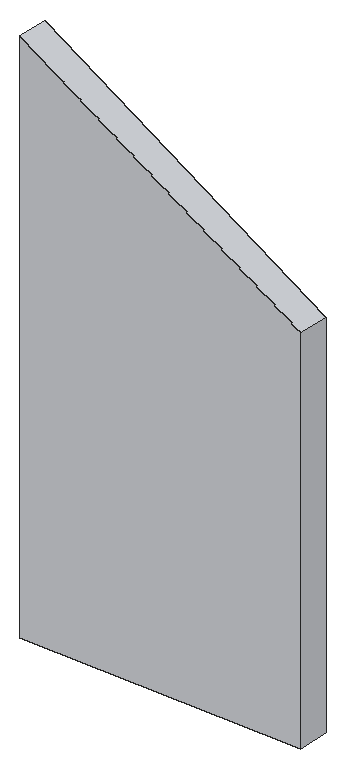
Revit family "EXP_WT-1C_CPan-019", category Curtain Panels, Revit 2021
Family settings
  OmniClass Number = 23.25.20.14.11.11.17
  OmniClass Title = Infill Panels
  Always vertical = Yes
  Cut with Voids When Loaded = No
  Shared = No
Parameters
  UI-UnitNumber [instance] = "001"
  UI-Quadrant [instance] = "SE"
  UI-ProjectAbbreviation = "NEU"
  UI-ItemCategory = "PID"
  UI-FloorNumber [instance] = "03"
  PNT-WallType = "WT1C"
  PNT-ProjectAbbreviation = "NEU"
  PNT-PanelType [instance] = "01"
  PNT-ItemCategory = "PNL"
  HSX [instance] = HModSX - (DistanceAxis + CellH)  # 8' - 8"
  HModSX [instance] = 13' - 6"
  HModDX [instance] = 18' - 1"
  HDX [instance] = HModDX - (DistanceAxis + CellH)  # 13' - 3"
  GlassH1 [instance] = none
  DistanceAxis = 3' - 4"
  Define Thermal Properties by = Schematic Type
  CellSxH [instance] = HSX + CellH  # 10' - 2"
  CellSp = 0' - 10 3/16"
  CellL = 1' - 0"
  CellH2 [instance] = 9' - 8"
  CellH [instance] = 1' - 6"
  CellDxH [instance] = HDX + CellH  # 14' - 9"
  AncleTrapezoid [instance] = 120.872°
  Analytic Construction = "<None>"
Reference planes (in)
  plane 1 "Center (Front/Back)": y = 0
  plane 2: z = 0
  plane 3 "Center (Left/Right)": x = 0
  plane 4 "Left": x = -46
  plane 5 "Right": x = 46
  plane 6 "Top": z = 18
  plane 7: y = -10.1875
  plane 8: z = 122
  plane 9: z = 177
Forms (in)
  Extrusion 1, solid, material <- "GlassH1"
    sketch origin (0, 0, 0) x (1, 0, 0) y (0, 0, 1)
      loop
        line (46, 122) -> (-46, 177) -> (-46, 0) -> (46, 0) -> (46, 122)
    from 0 to 10.1875
Lines and regions (in)
  reference lines
    curve 1: line (46, 0, 122) -> (-46, 0, 177)
Text (in)
  text "Exterior" at (-92.59733, 55.75508, 0), in view "Ref. Level"
  text "Exterior" at (0, 90.18664, 173.49264), in view "Left"
  text "Exterior" at (0, 52.29083, 162.21847), in view "Right"
Dimensions and locks (in)
  equal spacing: plane 4 "Left", plane 3 "Center (Left/Right)", plane 5 "Right"  (x2)
  plane 4 "Left" to plane 5 "Right" = 7' - 8"
  "CellSp": plane 7 to plane 1 "Center (Front/Back)"
  "CellH": plane 2 to plane 6 "Top"
  "HSX": plane 6 "Top" to plane 8
  "HDX": plane 6 "Top" to plane 9
  "AncleTrapezoid": angle plane 5 "Right" to curve 1
  aligned and locked: level to plane 2
  aligned and locked: plane 5 "Right" to Extrusion 1 sketch curve
  aligned and locked: plane 4 "Left" to Extrusion 1 sketch curve
  aligned and locked: Extrusion 1 to plane 7
  aligned and locked: plane 2 to Extrusion 1 sketch curve
Automatic sketch dimensions
  Extrusion 1 sketch curve to plane 8 = 0' - 0"
  Extrusion 1 sketch curve to plane 9 = 0' - 0"
  plane 4 "Left" to curve 1 = 0' - 0"
  curve 1 to plane 8 = 0' - 0"
